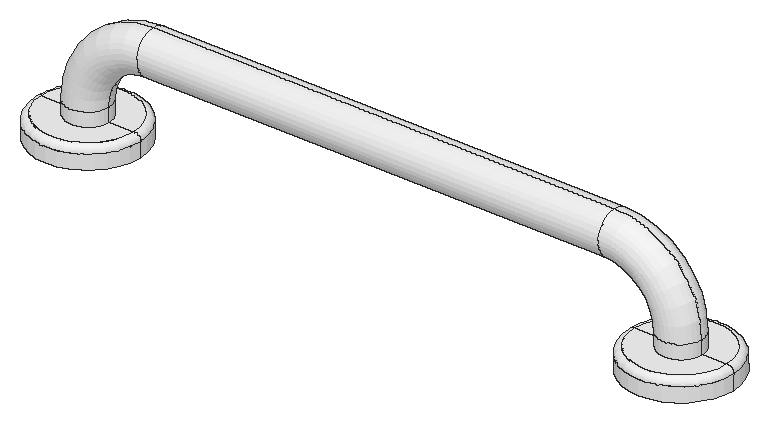
Revit family "Home collection grab rail - straight 450mm-687371W", category Specialty Equipment, host Face, Revit 2015
Parameters (values of type "Home collection grab rail - straight 450mm White")
  URL = "https://www.caroma.com.au/"
  Rail_Width = 450 mm
  Rail_Offset = 76 mm
  Model = "687371W"
  Material_Rail = GWA-Metal-White
  Manufacturer = "GWA Bathrooms & Kitchens"  # constant formula
  Description = "Home collection grab rail - straight 450mm White"
  Default Elevation = 900 mm
  CreatedBy_ANZRS = "GWA Bathrooms & Kitchens"  # constant formula
  Assembly Code = "C1030200"
Types (9, lengths in mm): name | Rail_Width | Rail_Offset | Model | Material_Rail | Description
  (no name) | 450 | 76 | "687371W" | GWA-Metal-White | "Home collection grab rail - straight 450mm White"
  Home collection grab rail - straight 300mm Chrome | 300 | 76 | "687370C" | GWA_Metal-Chrome | "Home collection grab rail - straight 300mm Chrome"
  Home collection grab rail - straight 300mm White | 300 | 76 | "687370W" | GWA-Metal-White | "Home collection grab rail - straight 300mm White"
  Home collection grab rail - straight 450mm Chrome | 450 | 76 | "687371C" | GWA_Metal-Chrome | "Home collection grab rail - straight 450mm Chrome"
  Home collection grab rail - straight 450mm White | 450 | 76 | "687371W" | GWA-Metal-White | "Home collection grab rail - straight 450mm White"
  Home collection grab rail - straight 600mm Chrome | 600 | 71 | "687372C" | GWA_Metal-Chrome | "Home collection grab rail - straight 600mm Chrome"
  Home collection grab rail - straight 600mm White | 600 | 71 | "687372W" | GWA-Metal-White | "Home collection grab rail - straight 600mm White"
  Home collection grab rail - straight 900mm Chrome | 900 | 71 | "687373C" | GWA_Metal-Chrome | "Home collection grab rail - straight 900mm Chrome"
  Home collection grab rail - straight 900mm White | 900 | 71 | "687373W" | GWA-Metal-White | "Home collection grab rail - straight 900mm White"
Reference planes
  plane 1 "Center (Front/Back)": y = 0
  plane 2: z = 0
  plane 3 "Center (Left/Right)": x = 0
  plane 4 "Left": x = -225
  plane 5 "Right": x = 225
  plane 6: z = 76
Forms (mm)
  Sweep 1, solid, material "GWA-Metal-White" <- "Material_Rail"
    path origin (0, 0, 56.664) x (1, 0, 0) y (0, 0, 1)
      loop
        line (-225, -56.664) -> (-225, -30.664)
        arc (-225, -30.664) -> (-210.355, 4.691) -> (-175, 19.336) r 50
        line (-175, 19.336) -> (175, 19.336)
        arc (175, 19.336) -> (210.355, 4.691) -> (225, -30.664) r 50
        line (225, -30.664) -> (225, -56.664)
    profile origin (-225, 0, 13) x (-1, 0, 0) y (0, -1, 0)
      loop
        circle (0, 0) r 16
  Revolve 2, solid, material "GWA-Metal-White" <- "Material_Rail"
    sketch origin (0, 0, 0) x (1, 0, 0) y (0, 0, 1)
      loop
        line (-225, 0) -> (-185, 0) -> (-185, 11)
        arc (-185, 11) -> (-186.464, 14.536) -> (-190, 16) r 5
        line (-190, 16) -> (-225, 16) -> (-225, 0)
      axis (-225, 16) -> (-225, 0)
    angle from 0 to 360
  Revolve 3, solid, material "GWA-Metal-White" <- "Material_Rail"
    sketch origin (0, 0, 0) x (1, 0, 0) y (0, 0, 1)
      loop
        line (225, 0) -> (265, 0) -> (265, 11)
        arc (265, 11) -> (263.536, 14.536) -> (260, 16) r 5
        line (260, 16) -> (225, 16) -> (225, 0)
      axis (225, 16) -> (225, 0)
    angle from 0 to 360
Lines and regions (mm)
  Masking region 1
    outline origin (0, 0, 0) x (1, 0, 0) y (0, 1, 0)
      loop
        arc (-188.339, 16) -> (-265, 0) -> (-188.339, -16) r 40
        line (-188.339, -16) -> (188.339, -16)
        arc (188.339, -16) -> (265, 0) -> (188.339, 16) r 40
        line (188.339, 16) -> (-188.339, 16)
  Masking region 2
    outline origin (0, 0, 0) x (1, 0, 0) y (0, 0, 1)
      loop
        line (-185, 0) -> (-185, 11)
        arc (-185, 11) -> (-186.464, 14.536) -> (-190, 16) r 5
        line (-190, 16) -> (-209, 16) -> (-209, 26)
        arc (-209, 26) -> (-199.042, 50.042) -> (-175, 60) r 34
        line (-175, 60) -> (175, 60)
        arc (175, 60) -> (199.042, 50.042) -> (209, 26) r 34
        line (209, 26) -> (209, 16) -> (190, 16)
        arc (190, 16) -> (186.464, 14.536) -> (185, 11) r 5
        line (185, 11) -> (185, 0) -> (265, 0) -> (265, 11)
        arc (265, 11) -> (263.536, 14.536) -> (260, 16) r 5
        line (260, 16) -> (241, 16) -> (241, 26)
        arc (241, 26) -> (221.669, 72.669) -> (175, 92) r 66
        line (175, 92) -> (-175, 92)
        arc (-175, 92) -> (-221.669, 72.669) -> (-241, 26) r 66
        line (-241, 26) -> (-241, 16) -> (-260, 16)
        arc (-260, 16) -> (-263.536, 14.536) -> (-265, 11) r 5
        line (-265, 11) -> (-265, 0) -> (-185, 0)
  Masking region 3
    outline origin (0, 0, 0) x (0, 1, 0) y (0, 0, 1)
      loop
        line (-40, 0) -> (40, 0) -> (40, 11)
        arc (40, 11) -> (38.536, 14.536) -> (35, 16) r 5
        line (35, 16) -> (16, 16) -> (16, 76)
        arc (16, 76) -> (0, 92) -> (-16, 76) r 16
        line (-16, 76) -> (-16, 16) -> (-35, 16)
        arc (-35, 16) -> (-38.536, 14.536) -> (-40, 11) r 5
        line (-40, 11) -> (-40, 0)
  symbolic lines
    curve 1: arc (-225, 16, 0) -> (-241, 0, 0) -> (-225, -16, 0) r 16
    curve 2: arc (225, 16, 0) -> (241, 0, 0) -> (225, -16, 0) r 16
    curve 3: arc (188.339, 16, 0) -> (265, 0, 0) -> (188.339, -16, 0) r 40
    curve 4: arc (-188.339, -16, 0) -> (-265, 0, 0) -> (-188.339, 16, 0) r 40
    curve 5: line (-225, 16, 0) -> (225, 16, 0)
    curve 6: line (225, -16, 0) -> (-225, -16, 0)
    curve 7: line (-225, 0, 0) -> (-265, 0, 0)
    curve 8: line (-265, 0, 0) -> (-265, 0, 11)
    curve 9: line (-185, 0, 0) -> (-185, 0, 11)
    curve 10: line (-190, 0, 16) -> (-260, 0, 16)
    curve 11: arc (-260, 0, 16) -> (-263.536, 0, 14.536) -> (-265, 0, 11) r 5
    curve 12: arc (-190, 0, 16) -> (-186.464, 0, 14.536) -> (-185, 0, 11) r 5
    curve 13: line (-209, 0, 16) -> (-209, 0, 26)
    curve 14: line (-241, 0, 16) -> (-241, 0, 26)
    curve 15: line (265, 0, 0) -> (265, 0, 11)
    curve 16: line (260, 0, 16) -> (190, 0, 16)
    curve 17: line (185, 0, 11) -> (185, 0, 0)
    curve 18: line (185, 0, 0) -> (265, 0, 0)
    curve 19: line (209, 0, 16) -> (209, 0, 26)
    curve 20: line (241, 0, 16) -> (241, 0, 26)
    curve 21: line (175, 0, 92) -> (-175, 0, 92)
    curve 22: line (175, 0, 60) -> (-175, 0, 60)
    curve 23: arc (-209, 0, 26) -> (-199.042, 0, 50.042) -> (-175, 0, 60) r 34
    curve 24: arc (175, 0, 60) -> (199.042, 0, 50.042) -> (209, 0, 26) r 34
    curve 25: arc (-241, 0, 26) -> (-221.669, 0, 72.669) -> (-175, 0, 92) r 66
    curve 26: arc (175, 0, 92) -> (221.669, 0, 72.669) -> (241, 0, 26) r 66
    curve 27: arc (185, 0, 11) -> (186.464, 0, 14.536) -> (190, 0, 16) r 5
    curve 28: arc (260, 0, 16) -> (263.536, 0, 14.536) -> (265, 0, 11) r 5
    curve 29: line (0, -40, 0) -> (0, -40, 11)
    curve 30: line (0, -35, 16) -> (0, 35, 16)
    curve 31: line (0, 40, 11) -> (0, 40, 0)
    curve 32: line (0, 40, 0) -> (0, -40, 0)
    curve 33: line (0, -16, 16) -> (0, -16, 76)
    curve 34: line (0, 16, 16) -> (0, 16, 76)
    curve 35: arc (0, -40, 11) -> (0, -38.536, 14.536) -> (0, -35, 16) r 5
    curve 36: arc (0, 35, 16) -> (0, 38.536, 14.536) -> (0, 40, 11) r 5
    curve 37: arc (0, -16, 76) -> (0, 0, 92) -> (0, 16, 76) r 16
Dimensions and locks
  "Rail_Width": plane 4 "Left" to plane 5 "Right"
  equal spacing: plane 4 "Left", plane 3 "Center (Left/Right)", plane 5 "Right"
  "Rail_Offset": level to plane 6
  curve 21 to plane 6 = 16 mm
  curve 16 to curve 18 = 16 mm
  radius of Sweep 1 sketch curve = 50 mm  (x2)
  aligned and locked: plane 2 to host face
  aligned and locked: level to host face
  aligned and locked: Revolve 3 to Sweep 1 sketch curve
  aligned and locked: Sweep 1 sketch curve to curve 7
Automatic sketch dimensions
  host sketch curve to host sketch curve = 1402.285 mm
  host sketch curve to host sketch curve = 393.94 mm
  plane 1 "Center (Front/Back)" to Sweep 1 sketch curve = 0 mm
  Sweep 1 sketch curve to profile plane = 0 mm
  Revolve 2 sketch curve to level = 0 mm
  Revolve 2 sketch curve to plane 4 "Left" = 0 mm  (x2)
  level to Revolve 2 sketch curve = 11 mm
  plane 4 "Left" to Revolve 2 sketch curve = 35 mm
  Revolve 2 sketch curve to Revolve 2 sketch curve = 5 mm
  Revolve 2 sketch curve to Revolve 2 sketch curve = 12.981 mm
  Revolve 2 sketch curve to Revolve 2 sketch curve = 10 mm
  Revolve 3 sketch curve to level = 0 mm
  Revolve 3 sketch curve to plane 5 "Right" = 0 mm  (x2)
  level to Revolve 3 sketch curve = 11 mm
  plane 5 "Right" to Revolve 3 sketch curve = 35 mm
  Revolve 3 sketch curve to Revolve 3 sketch curve = 5 mm
  Revolve 3 sketch curve to Revolve 3 sketch curve = 20 mm
  Revolve 3 sketch curve to Revolve 3 sketch curve = 45 mm
  plane 1 "Center (Front/Back)" to Masking region 1 sketch curve = 0 mm  (x2)
  Masking region 1 sketch curve to plane 4 "Left" = 0 mm
  Masking region 1 sketch curve to plane 5 "Right" = 0 mm
  Masking region 1 sketch curve to plane 1 "Center (Front/Back)" = 16 mm
  plane 4 "Left" to Masking region 1 sketch curve = 36.661 mm
  Masking region 1 sketch curve to plane 5 "Right" = 36.661 mm
  plane 1 "Center (Front/Back)" to Masking region 1 sketch curve = 16 mm
  curve 23 to curve 25 = 0 mm  (x2)
  curve 24 to curve 26 = 0 mm  (x2)
  curve 7 to level = 0 mm
  curve 7 to plane 4 "Left" = 0 mm
  curve 9 to level = 0 mm
  curve 17 to level = 0 mm
  level to curve 11 = 11 mm
  curve 11 to curve 14 = 19 mm
  curve 8 to curve 11 = 5 mm
  plane 4 "Left" to curve 13 = 16 mm
  curve 13 to curve 12 = 19 mm
  curve 12 to curve 9 = 5 mm
  curve 12 to curve 25 = 10 mm
  curve 26 to curve 17 = 10 mm
  curve 17 to curve 27 = 5 mm
  curve 19 to plane 5 "Right" = 16 mm
  curve 20 to curve 28 = 19 mm
  curve 28 to curve 18 = 5 mm
  Sweep 1 sketch curve to plane 4 "Left" = 0 mm
  Sweep 1 sketch curve to plane 5 "Right" = 0 mm
  plane 6 to Sweep 1 sketch curve = 0 mm
  curve 24 to curve 19 = 34 mm
  curve 14 to plane 4 "Left" = 16 mm
  Masking region 2 sketch curve to Masking region 2 sketch curve = 0 mm  (x4)
  Masking region 2 sketch curve to level = 0 mm  (x2)
  Masking region 2 sketch curve to plane 4 "Left" = 40 mm
  Masking region 2 sketch curve to Masking region 2 sketch curve = 5 mm  (x4)
  Masking region 2 sketch curve to plane 4 "Left" = 16 mm
  plane 4 "Left" to Masking region 2 sketch curve = 16 mm
  Masking region 2 sketch curve to Masking region 2 sketch curve = 19 mm  (x2)
  Masking region 2 sketch curve to plane 6 = 16 mm
  Masking region 2 sketch curve to Masking region 2 sketch curve = 34 mm
  Masking region 2 sketch curve to plane 5 "Right" = 50 mm
  Masking region 2 sketch curve to plane 5 "Right" = 40 mm
  Masking region 2 sketch curve to plane 5 "Right" = 16 mm
  level to Masking region 2 sketch curve = 11 mm  (x4)
  curve 29 to level = 0 mm
  curve 37 to plane 6 = 0 mm
  curve 37 to plane 1 "Center (Front/Back)" = 0 mm
  level to curve 35 = 11 mm
  plane 1 "Center (Front/Back)" to curve 35 = 35 mm
  curve 32 to curve 35 = 5 mm
  level to curve 36 = 11 mm
  curve 36 to plane 1 "Center (Front/Back)" = 35 mm
  plane 1 "Center (Front/Back)" to curve 33 = 16 mm
  Masking region 3 sketch curve to level = 0 mm
  Masking region 3 sketch curve to plane 6 = 0 mm
  Masking region 3 sketch curve to plane 1 "Center (Front/Back)" = 0 mm
  plane 1 "Center (Front/Back)" to Masking region 3 sketch curve = 16 mm
  level to Masking region 3 sketch curve = 11 mm  (x2)
  Masking region 3 sketch curve to Masking region 3 sketch curve = 19 mm  (x2)
  Masking region 3 sketch curve to Masking region 3 sketch curve = 5 mm  (x2)
  curve 1 to curve 4 = 0 mm  (x2)
  curve 2 to curve 3 = 0 mm  (x2)
  plane 1 "Center (Front/Back)" to curve 1 = 0 mm
  curve 1 to plane 4 "Left" = 0 mm
  curve 2 to plane 5 "Right" = 0 mm
  plane 4 "Left" to curve 4 = 36.661 mm
  curve 3 to curve 2 = 36.661 mm
  curve 3 to plane 1 "Center (Front/Back)" = 16 mm
  radius of Sweep 1 sketch curve = 16 mm
